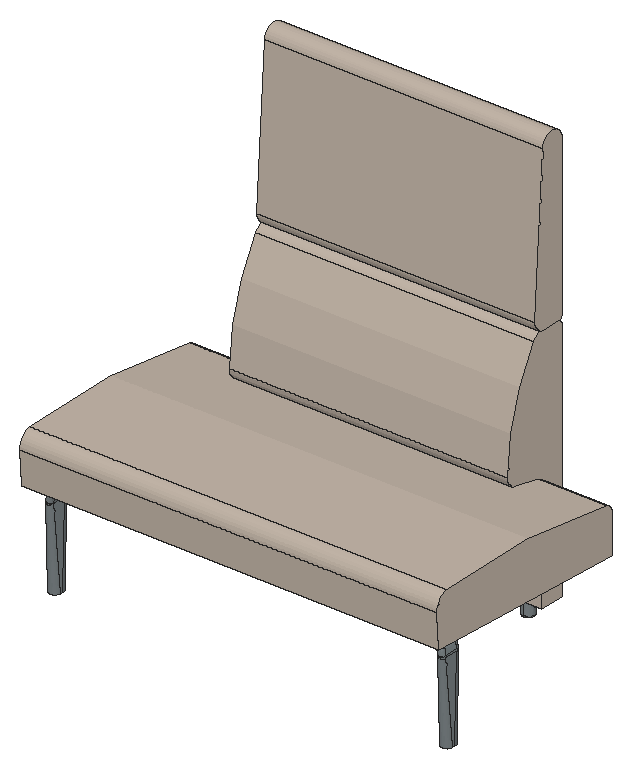
Revit family "FU_Modular_Sandler_Ambit 1051", category Furniture, Revit 2020
Family settings
  OmniClass Number = 23.40.20.00
  OmniClass Title = General Furniture and Specialties
  Work Plane-Based = No
  Always vertical = Yes
  Cut with Voids When Loaded = No
  Shared = No
  Room Calculation Point = No
Parameters (values of type "Ambit 1051")
  Width = 1200 mm
  URL = "https://www.sandlerseating.com/product/ambit-1051/"
  Seat [instance] = Fabric - Gravity - Wheat CPC21
  Panel [instance] = Fabric - Gravity - Wheat CPC21
  Overall Height = 1270 mm
  Model = "Ambit 1051"
  Manufacturer = "Sandler"
  Back Height = 770 mm
  Frame [instance] = Metal - Paint -AL VR - Anthracite Grey
  Description = "Modular seating system. Upholstered seat and back, with feet in cast aluminium."
  Depth = 700 mm
  Default Elevation = 0 mm
  Back [instance] = Fabric - Gravity - Wheat CPC21
Reference planes
  plane 1 "Center (Front/Back)": y = 0
  plane 2: z = 0
  plane 3 "Center (Left/Right)": x = 0
  plane 4 "Right": x = -600
  plane 5 "Left": x = 600
  plane 6 "Back": y = 350
  plane 7 "Front": y = -350
  plane 8 "Back Height": z = 770
  plane 9 "Seat height": z = 430
  plane 10 "Panel Height": z = 1270
Dimensions and locks
  equal spacing: plane 4 "Right", plane 3 "Center (Left/Right)", plane 5 "Left"
  "Width": plane 4 "Right" to plane 5 "Left"
  equal spacing: plane 6 "Back", plane 1 "Center (Front/Back)", plane 7 "Front"
  "Depth": plane 6 "Back" to plane 7 "Front"
  "Back Height": plane 8 "Back Height" to level
  plane 9 "Seat height" to level = 430 mm
  "Overall Height": plane 10 "Panel Height" to level
  aligned and locked: level to plane 2
Nested families
  nested 1: "Ambit Seat" at (0, 0, 0), Frame <- "Frame", Seat <- "Seat", type "Seat 1200mm"
    with Seat Fabric - Gravity - Wheat CPC21, Frame Metal - Paint -AL VR - Anthracite Grey
  nested 2: "Ambit Single-High-Panel" at (0, 0, 0), Panel <- "Panel", type "Ambit Single-High-Panel"
    with Panel Fabric - Gravity - Wheat CPC21
  nested 3: "Ambit SingleBack" at (0, 0, 0), Back <- "Back", Frame <- "Frame", type "Ambit SingleBack"
    with Frame Metal - Paint -AL VR - Anthracite Grey, Back Fabric - Gravity - Wheat CPC21
Definition of nested family "Ambit Seat"
  Parameters (values of type "Seat 800mm")
    Width = 800 mm
    URL = ""
    Seat [instance] = none
    Model = ""
    Manufacturer = ""
    Height = 770 mm
    Frame [instance] = none
    Description = "Modular seating system."
    Depth = 700 mm
    Default Elevation = 0 mm
  Types (3, lengths in mm): name | Width
    (no name) | 800
    Seat 800mm | 800
    Seat 1200mm | 1200
  Reference planes
    plane 1 "Center (Front/Back)": y = 0
    plane 2: z = 0
    plane 3 "Center (Left/Right)": x = 0
    plane 4 "Right": x = -400
    plane 5 "Left": x = 400
    plane 6 "Back": y = 350
    plane 7 "Front": y = -350
    plane 8 "Height": z = 770
    plane 9 "Seat height": z = 430
    plane 10 "FFT C RIGHT": z = 285.404
    plane 11 "Frame Left": x = -364
    plane 12 "Frame Right": x = 364
  Forms (mm)
    SweptBlend 1, solid, material <- "Frame"
      path origin (0, -265.648, 0) x (0, 0, -1) y (1, 0, 0)
        loop
          line (0, 364.075) -> (-239.72, 364.075)
      profile "Pro_Ambit_FFoot : Pro_Ambit_FFoot" origin (364.075, -265.648, 0) x (-1, 0, 0) y (0, -1, 0)
        loop
          arc (17.452, 3.305) -> (0, 20.142) -> (-17.452, 3.305) r 17.463
          line (-17.452, 3.305) -> (-17.452, -3.305)
          arc (-17.452, -3.305) -> (0, -20.142) -> (17.452, -3.305) r 17.463
          line (17.452, -3.305) -> (17.452, 3.305)
      end profile "Pro_Ambit_FF : Pro_Ambit_FF" origin (364.075, -265.648, 239.72) x (-1, 0, 0) y (0, -1, 0)
        loop
          arc (-10, -20.066) -> (0, -30.066) -> (10, -20.066) r 10
          line (10, -20.066) -> (10, 20.066)
          arc (10, 20.066) -> (0, 30.066) -> (-10, 20.066) r 10
          line (-10, 20.066) -> (-10, -20.066)
    Sweep 2, solid, material <- "Frame"
      path origin (0, -265.648, 0) x (0, 0, -1) y (1, 0, 0)
        loop
          line (-234.72, -364.14) -> (-239.72, -364.14)
          arc (-239.72, -364.14) -> (-272.419, -345.952) -> (-285.404, -310.86) r 53.912
          line (-285.404, -310.86) -> (-285.404, 310.86)
          arc (-285.404, 310.86) -> (-272.419, 345.952) -> (-239.72, 364.14) r 53.912
          line (-239.72, 364.14) -> (-234.72, 364.14)
      profile "Pro_Ambit_FF : Pro_Ambit_FF" origin (0, -265.648, 285.404) x (0, 0, 1) y (0, -1, 0)
        loop
          arc (-10, -20.066) -> (0, -30.066) -> (10, -20.066) r 10
          line (10, -20.066) -> (10, 20.066)
          arc (10, 20.066) -> (0, 30.066) -> (-10, 20.066) r 10
          line (-10, 20.066) -> (-10, -20.066)
    SweptBlend 3, solid, material <- "Frame"
      path origin (0, -265.648, 0) x (0, 0, -1) y (-1, 0, 0)
        loop
          line (0, 364.075) -> (-239.72, 364.075)
      profile "Pro_Ambit_FFoot : Pro_Ambit_FFoot" origin (-364.075, -265.648, 0) x (-1, 0, 0) y (0, -1, 0)
        loop
          line (-17.452, 3.305) -> (-17.452, -3.305)
          arc (-17.452, -3.305) -> (0, -20.142) -> (17.452, -3.305) r 17.463
          line (17.452, -3.305) -> (17.452, 3.305)
          arc (17.452, 3.305) -> (0, 20.142) -> (-17.452, 3.305) r 17.463
      end profile "Pro_Ambit_FF : Pro_Ambit_FF" origin (-364.075, -265.648, 239.72) x (-1, 0, 0) y (0, -1, 0)
        loop
          line (-10, 20.066) -> (-10, -20.066)
          arc (-10, -20.066) -> (0, -30.066) -> (10, -20.066) r 10
          line (10, -20.066) -> (10, 20.066)
          arc (10, 20.066) -> (0, 30.066) -> (-10, 20.066) r 10
    Extrusion 4, solid, material <- "Seat"
      sketch origin (-400, 0, 0) x (0, -1, 0) y (0, 0, 1)
        loop
          line (343.115, 289.761) -> (350.038, 388.028)
          arc (350.038, 388.028) -> (340.698, 416.645) -> (314.05, 430.647) r 40
          arc (314.05, 430.647) -> (24.831, 435.731) -> (-261.468, 394.425) r 1800.168
          arc (-261.468, 394.425) -> (-272.664, 387.398) -> (-277.031, 374.923) r 20
          line (-277.031, 374.923) -> (-277.031, 260.098) -> (343.115, 289.761)
      from -800 to 0
  Dimensions and locks
    equal spacing: plane 4 "Right", plane 3 "Center (Left/Right)", plane 5 "Left"
    "Width": plane 4 "Right" to plane 5 "Left"
    equal spacing: plane 6 "Back", plane 1 "Center (Front/Back)", plane 7 "Front"
    "Depth": plane 6 "Back" to plane 7 "Front"
    "Height": plane 8 "Height" to level
    plane 9 "Seat height" to level = 430 mm
    locked: plane 4 "Right" to plane 11 "Frame Left" at 36
    locked: plane 12 "Frame Right" to plane 5 "Left" at 36
    aligned and locked: level to plane 2
    aligned and locked: plane 4 "Right" to Extrusion 4
    aligned and locked: Extrusion 4 to plane 5 "Left"
  Automatic sketch dimensions
    SweptBlend 1 sketch curve to level = 0 mm
    SweptBlend 1 sketch curve to plane 10 "FFT C RIGHT" = 45.683 mm
    Sweep 2 sketch curve to plane 10 "FFT C RIGHT" = 0 mm
    Sweep 2 sketch curve to plane 10 "FFT C RIGHT" = 45.683 mm  (x2)
    Sweep 2 sketch curve to plane 10 "FFT C RIGHT" = 53.912 mm  (x2)
    Sweep 2 sketch curve to plane 4 "Right" = 89.14 mm
    Sweep 2 sketch curve to Sweep 2 sketch curve = 5 mm  (x2)
    SweptBlend 3 sketch curve to level = 0 mm
    plane 4 "Right" to SweptBlend 3 sketch curve = 35.925 mm
    plane 10 "FFT C RIGHT" to SweptBlend 3 sketch curve = 45.683 mm
    Extrusion 4 sketch curve to Extrusion 4 sketch curve = 20 mm
    plane 7 "Front" to Extrusion 4 sketch curve = 39.864 mm
    plane 7 "Front" to Extrusion 4 sketch curve = 6.885 mm
    Extrusion 4 sketch curve to plane 7 "Front" = 0.038 mm
    Extrusion 4 sketch curve to level = 1360.883 mm
    Extrusion 4 sketch curve to plane 10 "FFT C RIGHT" = 25.306 mm
    plane 10 "FFT C RIGHT" to Extrusion 4 sketch curve = 4.357 mm
    Extrusion 4 sketch curve to plane 9 "Seat height" = 55.077 mm
    Extrusion 4 sketch curve to plane 9 "Seat height" = 41.972 mm
    Extrusion 4 sketch curve to plane 9 "Seat height" = 39.161 mm
    Extrusion 4 sketch curve to Extrusion 4 sketch curve = 0 mm
    plane 5 "Left" to SweptBlend 1 sketch curve = 35.925 mm
    plane 5 "Left" to Sweep 2 sketch curve = 89.14 mm
    Extrusion 4 sketch curve to plane 6 "Back" = 92.969 mm
    plane 1 "Center (Front/Back)" to Extrusion 4 sketch curve = 137.907 mm
Definition of nested family "Ambit Single-High-Panel"
  Parameters (values of type "Ambit Single-High-Panel")
    Width = 800 mm
    URL = ""
    Panel [instance] = none
    Overall Height = 1270 mm
    Model = ""
    Manufacturer = ""
    Back Height = 770 mm
    Description = "Modular seating system."
    Depth = 700 mm
    Default Elevation = 0 mm
  Reference planes
    plane 1 "Center (Front/Back)": y = 0
    plane 2: z = 0
    plane 3 "Center (Left/Right)": x = 0
    plane 4 "Right": x = -400
    plane 5 "Left": x = 400
    plane 6 "Back": y = 350
    plane 7 "Front": y = -350
    plane 8 "Back Height": z = 770
    plane 9 "Seat height": z = 430
    plane 10 "Panel Height": z = 1270
  Forms (mm)
    Extrusion 1, solid, material <- "Panel"
      sketch origin (400, 0, 0) x (0, -1, 0) y (0, 0, 1)
        loop
          line (-350, 1237.462) -> (-350, 785)
          arc (-350, 785) -> (-345.607, 774.393) -> (-335, 770) r 15
          line (-335, 770) -> (-282.35, 770)
          arc (-282.35, 770) -> (-260.968, 778.956) -> (-252.353, 800.477) r 30
          arc (-252.353, 800.477) -> (-260.67, 1019.26) -> (-278.638, 1237.462) r 4957.952
          arc (-278.638, 1237.462) -> (-314.319, 1269.605) -> (-350, 1237.462) r 35.876
      from 0 to 800
  Dimensions and locks
    equal spacing: plane 4 "Right", plane 3 "Center (Left/Right)", plane 5 "Left"
    "Width": plane 4 "Right" to plane 5 "Left"
    equal spacing: plane 6 "Back", plane 1 "Center (Front/Back)", plane 7 "Front"
    "Depth": plane 6 "Back" to plane 7 "Front"
    "Back Height": plane 8 "Back Height" to level
    plane 9 "Seat height" to level = 430 mm
    "Overall Height": plane 10 "Panel Height" to level
    aligned and locked: level to plane 2
  Automatic sketch dimensions
    Extrusion 1 sketch curve to plane 6 "Back" = 0 mm
    Extrusion 1 sketch curve to plane 8 "Back Height" = 0 mm
    Extrusion 1 sketch curve to plane 8 "Back Height" = 48.425 mm
    plane 6 "Back" to Extrusion 1 sketch curve = 4859.678 mm
    Extrusion 1 sketch curve to plane 6 "Back" = 15 mm
    plane 8 "Back Height" to Extrusion 1 sketch curve = 30 mm
    Extrusion 1 sketch curve to plane 10 "Panel Height" = 36.271 mm
    Extrusion 1 sketch curve to plane 10 "Panel Height" = 32.538 mm
    Extrusion 1 sketch curve to Extrusion 1 sketch curve = 0 mm
    Extrusion 1 sketch curve to plane 6 "Back" = 35.681 mm
    Extrusion 1 sketch curve to Extrusion 1 sketch curve = 52.65 mm
Definition of nested family "Ambit SingleBack"
  Parameters (values of type "Ambit SingleBack")
    Width = 800 mm
    URL = ""
    Model = ""
    Manufacturer = ""
    Height = 770 mm
    Frame [instance] = none
    Description = "Modular seating system."
    Depth = 700 mm
    Default Elevation = 0 mm
    Back [instance] = none
  Reference planes
    plane 1 "Center (Front/Back)": y = 0
    plane 2: z = 0
    plane 3 "Center (Left/Right)": x = 0
    plane 4 "Right": x = -400
    plane 5 "Left": x = 400
    plane 6 "Back": y = 350
    plane 7 "Front": y = -350
    plane 8 "Height": z = 770
    plane 9 "Seat height": z = 430
    plane 10 "B Leg C RIGHT": y = 313.961
    plane 11 "BL C TOP": x = 331.016
    plane 12 "BL Top RIGHT": z = 51.603
  Forms (mm)
    Revolve 1, solid, material <- "Frame"
      sketch origin (331.016, 0, 0) x (0, 1, 0) y (0, 0, 1)
        loop
          line (299.423, 40.637) -> (296.57, 2.1)
          arc (296.57, 2.1) -> (296.901, 0.817) -> (297.944, 0) r 2.065
          line (297.944, 0) -> (313.961, 0) -> (313.961, 48.022) -> (294.441, 48.022) -> (294.441, 46.076)
          arc (294.441, 46.076) -> (298.107, 44.432) -> (299.423, 40.637) r 5.065
        axis (313.961, 48.022) -> (313.961, 0)
      angle from 0 to 360
    Extrusion 2, solid, material <- "Frame"
      sketch origin (0, 0, 51.603) x (0, -1, 0) y (1, 0, 0)
        loop
          arc (-342.852, 290.046) -> (-342.258, 288.613) -> (-340.824, 288.019) r 2.027
          line (-340.824, 288.019) -> (-286.875, 288.019)
          arc (-286.875, 288.019) -> (-285.444, 288.611) -> (-284.852, 290.042) r 2.023
          line (-284.852, 290.042) -> (-284.852, 372.037)
          arc (-284.852, 372.037) -> (-285.431, 373.436) -> (-286.83, 374.016) r 1.978
          line (-286.83, 374.016) -> (-340.837, 374.016)
          arc (-340.837, 374.016) -> (-342.262, 373.426) -> (-342.852, 372.001) r 2.015
          line (-342.852, 372.001) -> (-342.852, 290.046)
      from -5.528 to 0
    Revolve 3, solid, material <- "Frame"
      sketch origin (-331.016, 0, 0) x (0, 1, 0) y (0, 0, -1)
        loop
          arc (299.423, -40.637) -> (298.107, -44.432) -> (294.441, -46.076) r 5.065
          line (294.441, -46.076) -> (294.441, -48.022) -> (313.961, -48.022) -> (313.961, 0) -> (297.944, 0)
          arc (297.944, 0) -> (296.901, -0.817) -> (296.57, -2.1) r 2.065
          line (296.57, -2.1) -> (299.423, -40.637)
        axis (313.961, -48.022) -> (313.961, 0)
      angle from 0 to 360
    Extrusion 4, solid, material <- "Frame"
      sketch origin (0, 0, 51.603) x (0, -1, 0) y (1, 0, 0)
        loop
          line (-342.852, -290.046) -> (-342.852, -372.001)
          arc (-342.852, -372.001) -> (-342.262, -373.426) -> (-340.837, -374.016) r 2.015
          line (-340.837, -374.016) -> (-286.83, -374.016)
          arc (-286.83, -374.016) -> (-285.431, -373.436) -> (-284.852, -372.037) r 1.978
          line (-284.852, -372.037) -> (-284.852, -290.042)
          arc (-284.852, -290.042) -> (-285.444, -288.611) -> (-286.875, -288.019) r 2.023
          line (-286.875, -288.019) -> (-340.824, -288.019)
          arc (-340.824, -288.019) -> (-342.258, -288.613) -> (-342.852, -290.046) r 2.027
      from -5.528 to 0
    Extrusion 5, solid, material <- "Back"
      sketch origin (400, 0, 0) x (0, -1, 0) y (0, 0, 1)
        loop
          line (-276.986, 51.603) -> (-276.986, 376.265)
          arc (-276.986, 376.265) -> (-272.236, 387.916) -> (-261.468, 394.425) r 20
          arc (-261.468, 394.425) -> (-221.889, 402.963) -> (-182.128, 410.609) r 1800.168
          arc (-182.128, 410.609) -> (-161.146, 423.03) -> (-153.367, 446.139) r 35
          arc (-153.367, 446.139) -> (-179.881, 606.219) -> (-247.561, 753.69) r 611.524
          arc (-247.561, 753.69) -> (-260.259, 765.652) -> (-277.153, 770) r 35
          line (-277.153, 770) -> (-330, 770)
          arc (-330, 770) -> (-344.142, 764.142) -> (-350, 750) r 20
          line (-350, 750) -> (-350, 51.603) -> (-276.986, 51.603)
      from 0 to 800
  Cuts and joins
    joined: Revolve 1, Extrusion 2
  Dimensions and locks
    equal spacing: plane 4 "Right", plane 3 "Center (Left/Right)", plane 5 "Left"
    "Width": plane 4 "Right" to plane 5 "Left"
    equal spacing: plane 6 "Back", plane 1 "Center (Front/Back)", plane 7 "Front"
    "Depth": plane 6 "Back" to plane 7 "Front"
    "Height": plane 8 "Height" to level
    plane 9 "Seat height" to level = 430 mm
    aligned and locked: level to plane 2
  Automatic sketch dimensions
    Revolve 1 sketch curve to level = 0 mm
    Revolve 1 sketch curve to plane 10 "B Leg C RIGHT" = 0 mm  (x2)
    Revolve 1 sketch curve to plane 10 "B Leg C RIGHT" = 14.538 mm
    level to Revolve 1 sketch curve = 1.947 mm
    Revolve 1 sketch curve to plane 10 "B Leg C RIGHT" = 15.332 mm
    Revolve 1 sketch curve to Revolve 1 sketch curve = 0.686 mm
    level to Revolve 1 sketch curve = 2.1 mm
    Revolve 1 sketch curve to Revolve 1 sketch curve = 4.982 mm
    Revolve 1 sketch curve to Revolve 1 sketch curve = 0.069 mm
    Revolve 1 sketch curve to plane 12 "BL Top RIGHT" = 10.966 mm
    Revolve 1 sketch curve to Revolve 1 sketch curve = 0.374 mm
    Revolve 1 sketch curve to plane 12 "BL Top RIGHT" = 3.581 mm
    Revolve 1 sketch curve to level = 4.899 mm
    plane 12 "BL Top RIGHT" to Revolve 1 sketch curve = 1.419 mm
    Extrusion 2 sketch curve to plane 6 "Back" = 7.148 mm
    Extrusion 2 sketch curve to Extrusion 2 sketch curve = 2.015 mm
    Extrusion 2 sketch curve to Extrusion 2 sketch curve = 2.027 mm
    Extrusion 2 sketch curve to plane 10 "B Leg C RIGHT" = 27.087 mm
    Extrusion 2 sketch curve to plane 10 "B Leg C RIGHT" = 27.131 mm
    Extrusion 2 sketch curve to Extrusion 2 sketch curve = 2.023 mm
    Extrusion 2 sketch curve to plane 11 "BL C TOP" = 42.997 mm
    plane 5 "Left" to Extrusion 2 sketch curve = 27.999 mm
    Revolve 3 sketch curve to level = 0 mm
    Revolve 3 sketch curve to plane 10 "B Leg C RIGHT" = 0 mm  (x2)
    Revolve 3 sketch curve to plane 10 "B Leg C RIGHT" = 14.538 mm
    level to Revolve 3 sketch curve = 1.947 mm
    Revolve 3 sketch curve to plane 10 "B Leg C RIGHT" = 15.332 mm
    Revolve 3 sketch curve to Revolve 3 sketch curve = 0.686 mm
    level to Revolve 3 sketch curve = 2.1 mm
    Revolve 3 sketch curve to Revolve 3 sketch curve = 4.982 mm
    Revolve 3 sketch curve to Revolve 3 sketch curve = 0.069 mm
    Revolve 3 sketch curve to plane 12 "BL Top RIGHT" = 10.966 mm
    Revolve 3 sketch curve to Revolve 3 sketch curve = 0.374 mm
    Revolve 3 sketch curve to Revolve 3 sketch curve = 1.946 mm
    plane 12 "BL Top RIGHT" to Revolve 3 sketch curve = 1.419 mm
    Revolve 3 sketch curve to level = 4.899 mm
    plane 6 "Back" to Extrusion 4 sketch curve = 7.148 mm
    Extrusion 4 sketch curve to Extrusion 4 sketch curve = 2.015 mm
    Extrusion 4 sketch curve to Extrusion 4 sketch curve = 2.027 mm
    plane 10 "B Leg C RIGHT" to Extrusion 4 sketch curve = 27.087 mm
    plane 10 "B Leg C RIGHT" to Extrusion 4 sketch curve = 27.131 mm
    Extrusion 4 sketch curve to Extrusion 4 sketch curve = 2.023 mm
    plane 4 "Right" to Extrusion 4 sketch curve = 111.981 mm
    plane 4 "Right" to Extrusion 4 sketch curve = 27.999 mm
    Extrusion 5 sketch curve to plane 6 "Back" = 0 mm
    Extrusion 5 sketch curve to plane 8 "Height" = 0 mm
    Extrusion 5 sketch curve to plane 12 "BL Top RIGHT" = 0 mm
    Extrusion 5 sketch curve to plane 9 "Seat height" = 2.863 mm
    plane 6 "Back" to Extrusion 5 sketch curve = 414.596 mm
    plane 10 "B Leg C RIGHT" to Extrusion 5 sketch curve = 16.039 mm
    Extrusion 5 sketch curve to plane 10 "B Leg C RIGHT" = 36.808 mm
    Extrusion 5 sketch curve to plane 10 "B Leg C RIGHT" = 36.975 mm
    Extrusion 5 sketch curve to Extrusion 5 sketch curve = 19.955 mm
    plane 9 "Seat height" to Extrusion 5 sketch curve = 15.052 mm
    Extrusion 5 sketch curve to Extrusion 5 sketch curve = 68.681 mm
    Extrusion 5 sketch curve to level = 1360.883 mm
    Extrusion 5 sketch curve to plane 9 "Seat height" = 55.077 mm
    Extrusion 5 sketch curve to Extrusion 5 sketch curve = 1.342 mm
    Extrusion 5 sketch curve to Extrusion 5 sketch curve = 35 mm
    Extrusion 5 sketch curve to Extrusion 5 sketch curve = 0 mm  (x3)
    plane 1 "Center (Front/Back)" to Extrusion 5 sketch curve = 137.907 mm
